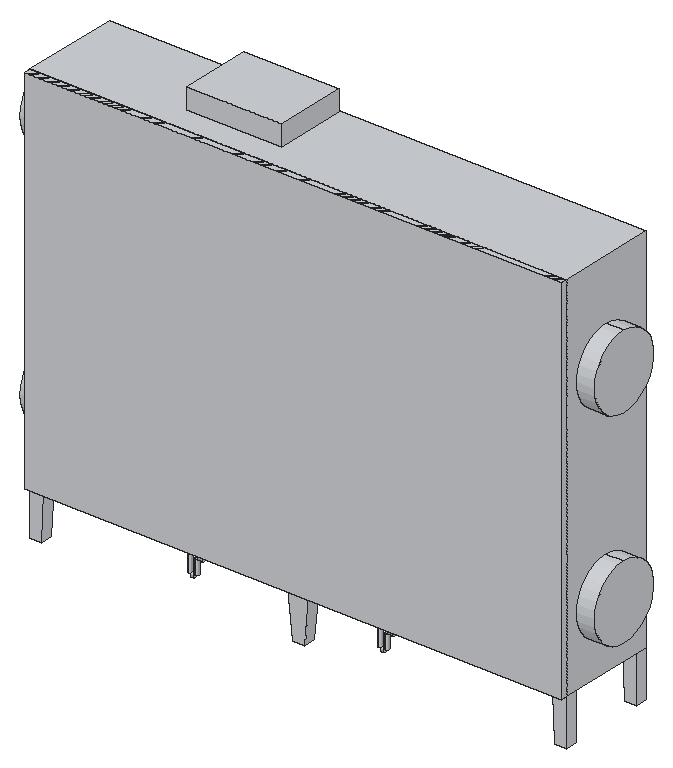
Revit family "AHU 2 _2", category Mechanické zařízení, Revit 2018
Family settings
  Kóta kulaté spojky = Použít průměr
  Typ dílu = Normální
  Číslo OmniClass = 23.75.00.00
  Nadpis OmniClass = Climate Control (HVAC)
  Založené na pracovní rovině = Ne
  Vždy vertikální = Ano
  Ořezat dutým tvarem při načtení = Ne
  Sdílené = Ne
  Bod výpočtu místnosti = Ne
Parameters (values of type "DUPLEXVENT 1500 Multi")
  Width [instance] = 0.455 mm
  Weight [instance] = 268.00 kg
  URL = ""
  Type [instance] = "DUPLEXVENT 1500 Multi"
  Total_SFP [instance] = 0
  Supply_outlet_hum [instance] = 90
  Supply_inlet_hum [instance] = 90
  Supply_ext_pressure [instance] = 0.0 Pa
  Supply_SFP [instance] = 0
  Source_adu_file [instance] = ""
  Recuperation_type [instance] = "Plate heat recovery exchanger"
  Recuperation_efficiency_EN308 [instance] = 0
  Project_name [instance] = ""
  Project_date [instance] = "9.8.2023"
  Power_supply_fusing [instance] = "0"
  Power_supply_cable [instance] = "0"
  Position [instance] = "AHU 2 "
  Phases_count [instance] = 1
  Panel_thickness [instance] = 0.06 mm
  Outer_surface [instance] = "RAL 9002"
  Length [instance] = 2.3 mm
  Insulation_type [instance] = "PUR"
  Insulation_thickness [instance] = 0.05 mm
  Installation_environment [instance] = ""
  Input_power_max [instance] = 1560 W
  Inner_surface [instance] = "Pozink"
  I2 [instance] = I1  # 0.0 L/s
  Height [instance] = 1.6 mm
  Exhaust_outlet_hum [instance] = 40
  Exhaust_inlet_hum [instance] = 40
  Exhaust_ext_pressure [instance] = 0.0 Pa
  Exhaust_SFP [instance] = 0
  E1 [instance] = E2 - M1  # 0.0 L/s
  E2 [instance] = 0.0 L/s
  I1 [instance] = 0.0 L/s
  Description = ""
  M1 [instance] = 0.0 L/s
  Device_dutypoint_version [instance] = "0"
  Device_design_version [instance] = "9"
  Device_adu_id [instance] = "2"
  Current_max [instance] = 7.8 A
  Casing_mat [instance] = "painted zinc layer"
  Cable type [instance] = "CYKY 3Jx2,5"
Reference planes
  plane 1 "Střed (vpředu/vzadu)": y = 0
  plane 2 "ref": z = 0
  plane 3 "Střed (vlevo/vpravo)": x = 0
Forms (mm)
  Sweep 1, solid
    path origin (0, 0, 0) x (0, 0, 1) y (1, 0, 0)
      loop
        line (0, 0) -> (1600, 0)
    profile origin (0, 0, 0) x (1, 0, 0) y (0, 1, 0)
      loop
        line (0, 0) -> (2300, 0) -> (2300, 425) -> (0, 425) -> (0, 0)
  Sweep 2, solid
    path origin (0, 0, 0) x (0, 0, 1) y (1, 0, 0)
      loop
        line (0, 0) -> (1600, 0)
    profile origin (0, 0, 0) x (1, 0, 0) y (0, 1, 0)
      loop
        line (0, 0) -> (0, -30) -> (2300, -30) -> (2300, 0) -> (0, 0)
  Sweep 3, solid
    path origin (0, 205, 300) x (0, 0, -1) y (1, 0, 0)
      loop
        line (0, 0) -> (0, -80)
    profile origin (0, 205, 300) x (0, 0, -1) y (0, -1, 0)
      loop
        circle (0, 0) r 158
  Sweep 4, solid
    path origin (2300, 205, 1185) x (0, 0, -1) y (1, 0, 0)
      loop
        line (0, 0) -> (0, 80)
    profile origin (2300, 205, 1185) x (0, 0, 1) y (0, -1, 0)
      loop
        circle (0, 0) r 158
  Sweep 5, solid
    path origin (2300, 205, 300) x (0, 0, -1) y (1, 0, 0)
      loop
        line (0, 0) -> (0, 80)
    profile origin (2300, 205, 300) x (0, 0, 1) y (0, -1, 0)
      loop
        circle (0, 0) r 158
  Sweep 6, solid
    path origin (0, 205, 1370) x (0, 0, -1) y (1, 0, 0)
      loop
        line (0, 0) -> (0, -80)
    profile origin (0, 205, 1370) x (0, 0, -1) y (0, -1, 0)
      loop
        circle (0, 0) r 158
  Sweep 7, solid
    path origin (1440, 75, 0) x (0, -1, 0) y (0, 0, 1)
      loop
        line (0, 0) -> (0, -142)
    profile origin (1440, 75, 0) x (-1, 0, 0) y (0, -1, 0)
      loop
        circle (0, 0) r 8
  Sweep 8, solid
    path origin (1448, 75, -150) x (0, 0, -1) y (1, 0, 0)
      loop
        line (0, 0) -> (0, 14)
    profile origin (1448, 75, -150) x (0, 0, 1) y (0, -1, 0)
      loop
        circle (0, 0) r 8
  Sweep 9, solid
    path origin (1470, 75, -142) x (0, -1, 0) y (0, 0, 1)
      loop
        line (0, 0) -> (0, 59)
    profile origin (1470, 75, -142) x (0, 1, 0) y (-1, 0, 0)
      loop
        circle (0, 0) r 8
  Sweep 10, solid
    path origin (1478, 75, -75) x (0, 0, -1) y (1, 0, 0)
      loop
        line (0, 0) -> (0, 22)
    profile origin (1478, 75, -75) x (0, 0, 1) y (0, -1, 0)
      loop
        circle (0, 0) r 8
  Sweep 11, solid
    path origin (625, 75, 0) x (0, -1, 0) y (0, 0, 1)
      loop
        line (0, 0) -> (0, -142)
    profile origin (625, 75, 0) x (-1, 0, 0) y (0, -1, 0)
      loop
        circle (0, 0) r 8
  Sweep 12, solid
    path origin (633, 75, -150) x (0, 0, -1) y (1, 0, 0)
      loop
        line (0, 0) -> (0, 14)
    profile origin (633, 75, -150) x (0, 0, 1) y (0, -1, 0)
      loop
        circle (0, 0) r 8
  Sweep 13, solid
    path origin (655, 75, -142) x (0, -1, 0) y (0, 0, 1)
      loop
        line (0, 0) -> (0, 59)
    profile origin (655, 75, -142) x (0, 1, 0) y (-1, 0, 0)
      loop
        circle (0, 0) r 8
  Sweep 14, solid
    path origin (663, 75, -75) x (0, 0, -1) y (1, 0, 0)
      loop
        line (0, 0) -> (0, 22)
    profile origin (663, 75, -75) x (0, 0, 1) y (0, -1, 0)
      loop
        circle (0, 0) r 8
  Sweep 15, solid
    path origin (0, 0, 0) x (0, 0, 1) y (1, 0, 0)
      loop
        line (0, 0) -> (1600, 0)
    profile origin (0, 0, 0) x (1, 0, 0) y (0, 1, 0)
      loop
        line (0, -30) -> (2300, -30) -> (2300, -5) -> (0, -5) -> (0, -30)
  Sweep 16, solid
    path origin (25, 50, 0) x (1, 0, 0) y (0, 1, 0)
      loop
        line (0, 0) -> (0, -50)
    profile origin (25, 50, 0) x (1, 0, 0) y (0, 0, 1)
      loop
        line (-25, 0) -> (-25, -200) -> (25, -200) -> (35, 0) -> (-25, 0)
  Sweep 17, solid
    path origin (2275, 50, 0) x (1, 0, 0) y (0, 1, 0)
      loop
        line (0, 0) -> (0, -50)
    profile origin (2275, 50, 0) x (1, 0, 0) y (0, 0, 1)
      loop
        line (-35, 0) -> (-25, -200) -> (25, -200) -> (25, 0) -> (-35, 0)
  Sweep 18, solid
    path origin (25, 425, 0) x (1, 0, 0) y (0, 1, 0)
      loop
        line (0, 0) -> (0, -50)
    profile origin (25, 425, 0) x (1, 0, 0) y (0, 0, 1)
      loop
        line (-25, 0) -> (-25, -200) -> (25, -200) -> (35, 0) -> (-25, 0)
  Sweep 19, solid
    path origin (2275, 425, 0) x (1, 0, 0) y (0, 1, 0)
      loop
        line (0, 0) -> (0, -50)
    profile origin (2275, 425, 0) x (1, 0, 0) y (0, 0, 1)
      loop
        line (-35, 0) -> (-25, -200) -> (25, -200) -> (25, 0) -> (-35, 0)
  Sweep 20, solid
    path origin (1150, 50, 0) x (1, 0, 0) y (0, 1, 0)
      loop
        line (0, 0) -> (0, -50)
    profile origin (1150, 50, 0) x (1, 0, 0) y (0, 0, 1)
      loop
        line (-45, 0) -> (-25, -200) -> (25, -200) -> (45, 0) -> (-45, 0)
  Sweep 21, solid
    path origin (1150, 425, 0) x (1, 0, 0) y (0, 1, 0)
      loop
        line (0, 0) -> (0, -50)
    profile origin (1150, 425, 0) x (1, 0, 0) y (0, 0, 1)
      loop
        line (-45, 0) -> (-25, -200) -> (25, -200) -> (45, 0) -> (-45, 0)
  Sweep 22, solid
    path origin (0, 0, 1600) x (0, 0, 1) y (1, 0, 0)
      loop
        line (0, 0) -> (90, 0)
    profile origin (0, 0, 1600) x (1, 0, 0) y (0, 1, 0)
      loop
        line (585, 110) -> (990, 110) -> (990, 415) -> (585, 415) -> (585, 110)
  Sweep 23, solid
    path origin (585, 263, 1645) x (0, 0, -1) y (1, 0, 0)
      loop
        line (0, 0) -> (0, -1)
    profile origin (585, 263, 1645) x (0, 0, -1) y (0, -1, 0)
      loop
        circle (0, 0) r 10
Lines and regions (mm)
  model lines, style "Symbol"
    curve 1: line (943, -30, 0) -> (943, -30, 320)
    curve 2: line (943, -30, 1600) -> (943, -30, 1280)
    curve 3: line (0, -30, 800) -> (463, -30, 800)
    curve 4: line (2300, -30, 800) -> (1423, -30, 800)
    curve 5: line (463, -30, 800) -> (703, -30, 1280)
    curve 6: line (703, -30, 1280) -> (1183, -30, 1280)
    curve 7: line (1183, -30, 1280) -> (1423, -30, 800)
    curve 8: line (1423, -30, 800) -> (1183, -30, 320)
    curve 9: line (1183, -30, 320) -> (943, -30, 320)
    curve 10: line (943, -30, 320) -> (703, -30, 320)
    curve 11: line (703, -30, 320) -> (463, -30, 800)
    curve 12: line (1948, -30, 1314) -> (2204, -30, 1270)
    curve 13: line (1948, -30, 1086) -> (2204, -30, 1130)
    curve 14: line (352, -30, 1086) -> (96, -30, 1130)
    curve 15: line (352, -30, 1314) -> (96, -30, 1270)
    curve 16: line (46, -30, 160) -> (46, -30, 640)
    curve 17: line (46, -30, 640) -> (184, -30, 640)
    curve 18: line (184, -30, 640) -> (184, -30, 160)
    curve 19: line (184, -30, 160) -> (46, -30, 160)
    curve 20: line (115, -30, 160) -> (184, -30, 400)
    curve 21: line (115, -30, 640) -> (184, -30, 400)
    curve 22: line (2254, -30, 640) -> (2254, -30, 160)
    curve 23: line (2254, -30, 160) -> (2116, -30, 160)
    curve 24: line (2116, -30, 160) -> (2116, -30, 640)
    curve 25: line (2116, -30, 640) -> (2254, -30, 640)
    curve 26: line (2185, -30, 640) -> (2116, -30, 400)
    curve 27: line (2185, -30, 160) -> (2116, -30, 400)
    curve 28: line (616, -30, 280) -> (398, -30, 708)
    curve 29: line (398, -30, 708) -> (470, -30, 744)
    curve 30: line (470, -30, 744) -> (688, -30, 316)
    curve 31: line (688, -30, 316) -> (616, -30, 280)
    curve 32: line (485, -30, 554) -> (513, -30, 641)
    curve 33: line (573, -30, 383) -> (601, -30, 470)
    curve 34: line (0, -1230, 0) -> (0, -30, 0)
    curve 35: line (2300, -1230, 0) -> (2300, -30, 0)
    curve 36: line (0, -1230, 0) -> (2300, -1230, 0)
    curve 37: line (0, -1230, 1600) -> (0, -30, 1600)
    curve 38: line (2300, -1230, 1600) -> (2300, -30, 1600)
    curve 39: line (0, -1230, 1600) -> (2300, -1230, 1600)
    curve 40: line (0, -1230, 0) -> (0, -1230, 1600)
    curve 41: line (2300, -1230, 0) -> (2300, -1230, 1600)
    curve 42: line (0, -1230, 1400) -> (200, -1230, 1600)
    curve 43: line (0, -1230, 1200) -> (400, -1230, 1600)
    curve 44: line (0, -1230, 1000) -> (600, -1230, 1600)
    curve 45: line (0, -1230, 800) -> (800, -1230, 1600)
    curve 46: line (0, -1230, 600) -> (1000, -1230, 1600)
    curve 47: line (0, -1230, 400) -> (1200, -1230, 1600)
    curve 48: line (0, -1230, 200) -> (1400, -1230, 1600)
    curve 49: line (0, -1230, 0) -> (1600, -1230, 1600)
    curve 50: line (200, -1230, 0) -> (1800, -1230, 1600)
    curve 51: line (400, -1230, 0) -> (2000, -1230, 1600)
    curve 52: line (600, -1230, 0) -> (2200, -1230, 1600)
    curve 53: line (800, -1230, 0) -> (2300, -1230, 1500)
    curve 54: line (1000, -1230, 0) -> (2300, -1230, 1300)
    curve 55: line (1200, -1230, 0) -> (2300, -1230, 1100)
    curve 56: line (1400, -1230, 0) -> (2300, -1230, 900)
    curve 57: line (1600, -1230, 0) -> (2300, -1230, 700)
    curve 58: line (1800, -1230, 0) -> (2300, -1230, 500)
    curve 59: line (2000, -1230, 0) -> (2300, -1230, 300)
    curve 60: line (2200, -1230, 0) -> (2300, -1230, 100)
    curve 61: line (2300, -1230, 1400) -> (2300, -1030, 1600)
    curve 62: line (2300, -1230, 1200) -> (2300, -830, 1600)
    curve 63: line (2300, -1230, 1000) -> (2300, -630, 1600)
    curve 64: line (2300, -1230, 800) -> (2300, -430, 1600)
    curve 65: line (2300, -1230, 600) -> (2300, -230, 1600)
    curve 66: line (2300, -1230, 400) -> (2300, -30, 1600)
    curve 67: line (2300, -1230, 200) -> (2300, -30, 1400)
    curve 68: line (2300, -1230, 0) -> (2300, -30, 1200)
    curve 69: line (2300, -1030, 0) -> (2300, -30, 1000)
    curve 70: line (2300, -830, 0) -> (2300, -30, 800)
    curve 71: line (2300, -630, 0) -> (2300, -30, 600)
    curve 72: line (2300, -430, 0) -> (2300, -30, 400)
    curve 73: line (2300, -230, 0) -> (2300, -30, 200)
    curve 74: line (0, -1030, 1600) -> (200, -1230, 1600)
    curve 75: line (0, -830, 1600) -> (400, -1230, 1600)
    curve 76: line (0, -630, 1600) -> (600, -1230, 1600)
    curve 77: line (0, -430, 1600) -> (800, -1230, 1600)
    curve 78: line (0, -230, 1600) -> (1000, -1230, 1600)
    curve 79: line (0, -30, 1600) -> (1200, -1230, 1600)
    curve 80: line (200, -30, 1600) -> (1400, -1230, 1600)
    curve 81: line (400, -30, 1600) -> (1600, -1230, 1600)
    curve 82: line (600, -30, 1600) -> (1800, -1230, 1600)
    curve 83: line (800, -30, 1600) -> (2000, -1230, 1600)
    curve 84: line (1000, -30, 1600) -> (2200, -1230, 1600)
    curve 85: line (1200, -30, 1600) -> (2300, -1130, 1600)
    curve 86: line (1400, -30, 1600) -> (2300, -930, 1600)
    curve 87: line (1600, -30, 1600) -> (2300, -730, 1600)
    curve 88: line (1800, -30, 1600) -> (2300, -530, 1600)
    curve 89: line (2000, -30, 1600) -> (2300, -330, 1600)
    curve 90: line (2200, -30, 1600) -> (2300, -130, 1600)
    curve 91: line (0, 0, 2320) -> (0, 0, 1600)
    curve 92: line (2300, 0, 2320) -> (2300, 0, 1600)
    curve 93: line (0, 0, 2320) -> (2300, 0, 2320)
    curve 94: line (0, 425, 2320) -> (0, 425, 1600)
    curve 95: line (2300, 425, 2320) -> (2300, 425, 1600)
    curve 96: line (0, 425, 2320) -> (2300, 425, 2320)
    curve 97: line (0, 0, 2320) -> (0, 425, 2320)
    curve 98: line (2300, 0, 2320) -> (2300, 425, 2320)
    curve 99: line (0, 225, 2320) -> (200, 425, 2320)
    curve 100: line (0, 25, 2320) -> (400, 425, 2320)
    curve 101: line (175, 0, 2320) -> (600, 425, 2320)
    curve 102: line (375, 0, 2320) -> (800, 425, 2320)
    curve 103: line (575, 0, 2320) -> (1000, 425, 2320)
    curve 104: line (775, 0, 2320) -> (1200, 425, 2320)
    curve 105: line (975, 0, 2320) -> (1400, 425, 2320)
    curve 106: line (1175, 0, 2320) -> (1600, 425, 2320)
    curve 107: line (1375, 0, 2320) -> (1800, 425, 2320)
    curve 108: line (1575, 0, 2320) -> (2000, 425, 2320)
    curve 109: line (1775, 0, 2320) -> (2200, 425, 2320)
    curve 110: line (1975, 0, 2320) -> (2300, 325, 2320)
    curve 111: line (2175, 0, 2320) -> (2300, 125, 2320)
    curve 112: line (2300, 225, 2320) -> (2300, 425, 2120)
    curve 113: line (2300, 25, 2320) -> (2300, 425, 1920)
    curve 114: line (2300, 0, 2145) -> (2300, 425, 1720)
    curve 115: line (2300, 0, 1945) -> (2300, 345, 1600)
    curve 116: line (2300, 0, 1745) -> (2300, 145, 1600)
    curve 117: line (0, 425, 2120) -> (200, 425, 2320)
    curve 118: line (0, 425, 1920) -> (400, 425, 2320)
    curve 119: line (0, 425, 1720) -> (600, 425, 2320)
    curve 120: line (80, 425, 1600) -> (800, 425, 2320)
    curve 121: line (280, 425, 1600) -> (1000, 425, 2320)
    curve 122: line (480, 425, 1600) -> (1200, 425, 2320)
    curve 123: line (680, 425, 1600) -> (1400, 425, 2320)
    curve 124: line (880, 425, 1600) -> (1600, 425, 2320)
    curve 125: line (1080, 425, 1600) -> (1800, 425, 2320)
    curve 126: line (1280, 425, 1600) -> (2000, 425, 2320)
    curve 127: line (1480, 425, 1600) -> (2200, 425, 2320)
    curve 128: line (1680, 425, 1600) -> (2300, 425, 2220)
    curve 129: line (1880, 425, 1600) -> (2300, 425, 2020)
    curve 130: line (2080, 425, 1600) -> (2300, 425, 1820)
    curve 131: line (2280, 425, 1600) -> (2300, 425, 1620)
    curve 132: line (0, 425, -200) -> (0, 425, 0)
    curve 133: line (2300, 425, -200) -> (2300, 425, 0)
    curve 134: line (0, 425, -200) -> (2300, 425, -200)
    curve 135: line (0, 0, -200) -> (0, 0, 0)
    curve 136: line (2300, 0, -200) -> (2300, 0, 0)
    curve 137: line (0, 0, -200) -> (2300, 0, -200)
    curve 138: line (0, 425, -200) -> (0, 0, -200)
    curve 139: line (2300, 425, -200) -> (2300, 0, -200)
    curve 140: line (0, 200, -200) -> (200, 0, -200)
    curve 141: line (0, 400, -200) -> (400, 0, -200)
    curve 142: line (175, 425, -200) -> (600, 0, -200)
    curve 143: line (375, 425, -200) -> (800, 0, -200)
    curve 144: line (575, 425, -200) -> (1000, 0, -200)
    curve 145: line (775, 425, -200) -> (1200, 0, -200)
    curve 146: line (975, 425, -200) -> (1400, 0, -200)
    curve 147: line (1175, 425, -200) -> (1600, 0, -200)
    curve 148: line (1375, 425, -200) -> (1800, 0, -200)
    curve 149: line (1575, 425, -200) -> (2000, 0, -200)
    curve 150: line (1775, 425, -200) -> (2200, 0, -200)
    curve 151: line (1975, 425, -200) -> (2300, 100, -200)
    curve 152: line (2175, 425, -200) -> (2300, 300, -200)
    curve 153: line (2300, 200, -200) -> (2300, 0, 0)
    curve 154: line (2300, 400, -200) -> (2300, 200, 0)
    curve 155: line (2300, 425, -25) -> (2300, 400, 0)
    curve 156: line (0, 0, 0) -> (200, 0, -200)
    curve 157: line (200, 0, 0) -> (400, 0, -200)
    curve 158: line (400, 0, 0) -> (600, 0, -200)
    curve 159: line (600, 0, 0) -> (800, 0, -200)
    curve 160: line (800, 0, 0) -> (1000, 0, -200)
    curve 161: line (1000, 0, 0) -> (1200, 0, -200)
    curve 162: line (1200, 0, 0) -> (1400, 0, -200)
    curve 163: line (1400, 0, 0) -> (1600, 0, -200)
    curve 164: line (1600, 0, 0) -> (1800, 0, -200)
    curve 165: line (1800, 0, 0) -> (2000, 0, -200)
    curve 166: line (2000, 0, 0) -> (2200, 0, -200)
    curve 167: line (2200, 0, 0) -> (2300, 0, -100)
    curve 168: line (0, -30, 0) -> (0, -30, 1600)
    curve 169: line (0, -30, 1600) -> (920, -30, 1600)
    curve 170: line (920, -30, 1600) -> (920, -30, 0)
    curve 171: line (920, -30, 0) -> (0, -30, 0)
    curve 172: line (1180, -30, 0) -> (1180, -30, 1600)
    curve 173: line (1180, -30, 1600) -> (2300, -30, 1600)
    curve 174: line (2300, -30, 1600) -> (2300, -30, 0)
    curve 175: line (2300, -30, 0) -> (1180, -30, 0)
    curve 176: line (0, -30, 0) -> (2300, -30, 0)
    curve 177: line (0, -30, 1600) -> (2300, -30, 1600)
    curve 178: line (0, -30, 0) -> (0, -30, 1600)
    curve 179: line (2300, -30, 0) -> (2300, -30, 1600)
    curve 180: line (0, -30, 0) -> (0, -5, 0)
    curve 181: line (2300, -30, 0) -> (2300, -5, 0)
    curve 182: line (0, -30, 1600) -> (0, -5, 1600)
    curve 183: line (2300, -30, 1600) -> (2300, -5, 1600)
    curve 184: circle (2060, -30, 1200) r 160 normal (0, -1, 0)
    curve 185: circle (240, -30, 1200) r 160 normal (0, -1, 0)
    curve 186: circle (499, -30, 598) r 12 normal (0, -1, 0)
    curve 187: circle (587, -30, 426) r 12 normal (0, -1, 0)
    curve 188: circle (1440, 75, 0) r 8 normal (0, 0, -1)
    curve 189: circle (1440, 75, -142) r 8 normal (0, 0, -1)
    curve 190: circle (625, 75, 0) r 8 normal (0, 0, -1)
    curve 191: circle (625, 75, -142) r 8 normal (0, 0, -1)
Dimensions and locks
  aligned and locked: level to plane 2 "ref"
Connectors
  hvac at (-80, 205, 300), driven by "E1"
    settings: on Sweep 3, index 1, duct flow 0.0 L/s, flow factor 0, pres drop 0.0 Pa, loss coef 0, conn angle 0.00°, conn width 304.8 mm, conn height 304.8 mm, conn diameter 315 mm, duct sys type 1, conn prof type 0, flow config 1, flow direction 1, loss method 0, conn ref index -1, conn util no, is conn primary yes, conn desc ""
  hvac at (2380, 205, 1185), driven by "E2"
    settings: on Sweep 4, index 2, duct flow 0.0 L/s, flow factor 1, pres drop 0.0 Pa, loss coef 0, conn angle 0.00°, conn width 304.8 mm, conn height 304.8 mm, conn diameter 315 mm, duct sys type 1, conn prof type 0, flow config 2, flow direction 2, loss method 0, conn ref index -1, conn util no, is conn primary no, conn desc ""
  hvac at (2380, 205, 300), driven by "I1"
    settings: on Sweep 5, index 3, duct flow 0.0 L/s, flow factor 1, pres drop 0.0 Pa, loss coef 0, conn angle 0.00°, conn width 304.8 mm, conn height 304.8 mm, conn diameter 315 mm, duct sys type 3, conn prof type 0, flow config 2, flow direction 1, loss method 0, conn ref index -1, conn util no, is conn primary no, conn desc ""
  hvac at (-80, 205, 1370), driven by "I2"
    settings: on Sweep 6, index 4, duct flow 0.0 L/s, flow factor 0, pres drop 0.0 Pa, loss coef 0, conn angle 0.00°, conn width 304.8 mm, conn height 304.8 mm, conn diameter 315 mm, duct sys type 3, conn prof type 0, flow config 1, flow direction 2, loss method 0, conn ref index -1, conn util no, is conn primary no, conn desc ""
  piping at (1500, 75, -75), diameter 40
    settings: on Sweep 10, index 5, connector inside diameter 609.6 mm, connector length 0 mm, flow factor 0, pipe flow 0.0 L/s, pressure drop 0.0 Pa, fitting loss kfactor 0, connector angle 0.00°, fixture units 0, engagement length 0 mm, angle of deflection 0.00°, flow configuration 1, flow direction 2, fitting loss method 0, system type 16, joint type 0, gender type 0, connector reference index -1, connector utility 0, adjustable connector no, is connector primary yes, connector description ""
  piping at (685, 75, -75), diameter 40
    settings: on Sweep 14, index 6, connector inside diameter 609.6 mm, connector length 0 mm, flow factor 0, pipe flow 0.0 L/s, pressure drop 0.0 Pa, fitting loss kfactor 0, connector angle 0.00°, fixture units 0, engagement length 0 mm, angle of deflection 0.00°, flow configuration 1, flow direction 2, fitting loss method 0, system type 16, joint type 0, gender type 0, connector reference index -1, connector utility 0, adjustable connector no, is connector primary no, connector description ""
  electrical at (584, 263, 1645)
    settings: on Sweep 23, index 7, voltage 230 V, apparent load 0 VA, apparent load phase1 0 VA, apparent load phase2 0 VA, apparent load phase3 0 VA, power factor 1, load classification "Další", number of poles 1, system type 31, power factor state 1, is connector primary yes, connector utility no, sub classification motor no, connector description ""
